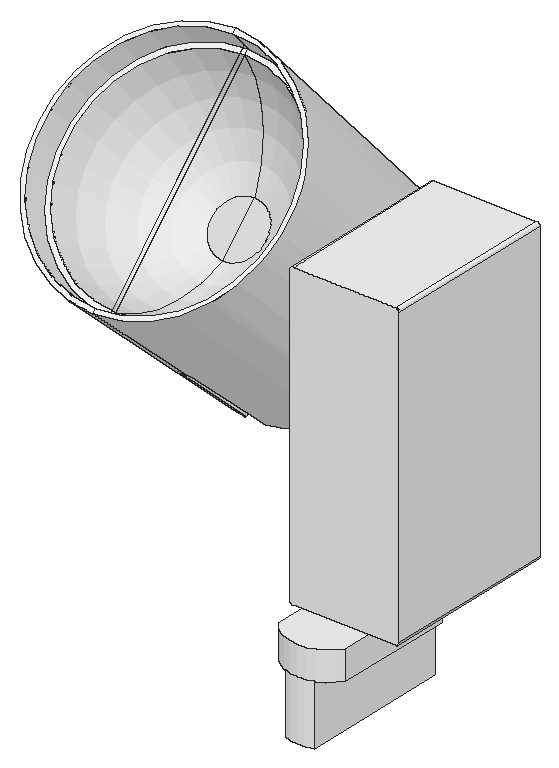
Revit family "0004821 Feilo Sylvania Lighting Fixture START TRACK SPOT L 55W 3K RA80 MB WHITE", category Lighting Fixtures, host Face, Revit 2017 (continued)
Definition of nested family "Start Track Spot Head"
  Types (96, lengths in mm): name | Wattage | built-in parameter 1150134 | Photometric Web File | Model | built-in parameter 1150105 | Lumens | built-in parameter 1150107 | built-in parameter 1150106 | HeadThickness_FEILO | HeadRibOffset_FEILO | HeadRibDepth_FEILO | HeadRibCutWidth_FEILO | HeadRibCutOffset_FEILO | HeadReflectorRadius_FEILO | HeadReflectorOffset_FEILO | HeadLEDRadius_FEILO | HeadHeight_FEILO | HeadDiffusorOffset_FEILO | HeadDiaOut_FEILO | HeadDiaIn_FEILO | HeadAxisFromTop_FEILO | Emit from Circle Diameter | built-in parameter 1150104 | Description | Apparent Load
    0004812 START TRACK SPOT S 14W 3K RA80 MB WHITE | 14 W | (empty or 0) | "0004812.ies" | "START TRACK SPOT S 14W 3K RA80 MB WHITE" | 120.32 (stored number, unit not read) | 1512 lm | 3000 (stored number, unit not read) | 1.2032 (stored number, unit not read) | 1.5 | 4.179 | 55.714 | 7.167 | 50.87 | 50.588 | 55.714 | 9.556 | 117 | 9.435 | 86 | 77.477 | 69.354 | 77.477 | 10.034 (stored number, unit not read) | "Integrated LED spotlight, Textured White - RAL9016, compact and minimalist design, ideal for retail applications, die-cast aluminium body, passive cooling heatsink. Beam angle: 36°, color temperature: 3000K , total system power: 14W, total fixture output: 1508 lm, LOR: 100%, colour rendering: Ra: 80 typical, LED Chromaticity: 3 step MacAdam ellipse, lifetime: >50000 hours at L70B50, energy class: A++, A+, A, IR/UV free light source without heat radiation, operating voltage: 220-240V / 50-60Hz, drive current: 350mA, electronic driver, non-dimmable, power factor: 0.92, electrical protection: Class II, Global Track 3 Phase adapter suitable for Global trac 3-circuit tracks, ingress protection rating: IP20, suitable for internal environment only, horizontal rotation: 355°, vertical tilt: 90°, dimensions: Ø86x140x200, weight: 0.940kg." | 14 VA
    0004811 START TRACK SPOT S 14W 3K RA80 NB WHITE | 14 W | (empty or 0) | "0004811.ies" | "START TRACK SPOT S 14W 3K RA80 NB WHITE" | 123.66 (stored number, unit not read) | 1554 lm | 3000 (stored number, unit not read) | 1.2366 (stored number, unit not read) | 1.5 | 4.179 | 55.714 | 7.167 | 50.87 | 50.588 | 55.714 | 9.556 | 117 | 9.435 | 86 | 77.477 | 69.354 | 77.477 | 10.312 (stored number, unit not read) | "Integrated LED spotlight, Textured White - RAL9016, compact and minimalist design, ideal for retail applications, die-cast aluminium body, passive cooling heatsink. Beam angle: 12°, color temperature: 3000K , total system power: 14W, total fixture output: 1551 lm, LOR: 100%, colour rendering: Ra: 80 typical, LED Chromaticity: 3 step MacAdam ellipse, lifetime: >50000 hours at L70B50, energy class: A++, A+, A, IR/UV free light source without heat radiation, operating voltage: 220-240V / 50-60Hz, drive current: 350mA, electronic driver, non-dimmable, power factor: 0.92, electrical protection: Class II, Global Track 3 Phase adapter suitable for Global trac 3-circuit tracks, ingress protection rating: IP20, suitable for internal environment only, horizontal rotation: 355°, vertical tilt: 90°, dimensions: Ø86x140x200, weight: 0.940kg." | 14 VA
  Reference planes
    plane 1 "Center (Front/Back)": y = 0
    plane 2: z = 0
    plane 3 "Center (Left/Right)": x = 0
    plane 4: x = 43
    plane 5: x = -43
    plane 6: x = -38.739
    plane 7: x = 38.739
    plane 8: z = 69.354
    plane 9: z = -47.646
    plane 10: x = -41.5
    plane 11: x = -37.239
    plane 12: z = -38.211
    plane 13: z = -35.211
    plane 14: z = 8.068
    plane 15: x = -9.556
    plane 16: x = -28.667
    plane 17: x = -19.111
    plane 18: x = -27.167
    plane 19: x = -17.611
    plane 20: x = -8.056
    plane 21: z = 13.64
    plane 22: x = -29.667
    plane 23: x = -26.167
    plane 24: x = -20.111
    plane 25: x = -16.611
    plane 26: x = -10.556
    plane 27: x = -7.056
    plane 28: x = -36.239
    plane 29: x = -40.5
    plane 30: z = 65.175
    plane 31: z = 60.997
    plane 32: z = 56.818
    plane 33: z = 18.484
    plane 34: y = -43
    plane 35: y = 43
    plane 36: y = 3.583
    plane 37: y = -3.583
    plane 38: y = -2.583
    plane 39: y = 2.583
    plane 40: y = 46
    plane 41: z = 13.5
    plane 42: z = -13.5
    plane 43: y = 39
    plane 44: x = 4.708
    plane 45: x = -2.458
    plane 46: x = -1.458
    plane 47: x = 1.458
  Forms (mm)
    Extrusion 1, solid
      sketch origin (4.2, 0, 0) x (1, 0, 0) y (0, 1, 0)
        loop
          line (-1219.2, 1219.2) -> (-1219.2, -1219.2) -> (1219.2, -1219.2) -> (1219.2, 1219.2) -> (-1219.2, 1219.2)
      from 0 to -68.017
    Revolve 2, solid, material <- "Material_1_FEILO", detail levels medium+fine
      sketch origin (0, 0, 0) x (1, 0, 0) y (0, 0, 1)
        loop
          line (-43, -47.646) -> (-41.5, -47.646) -> (-40.5, -35.211) -> (-38.739, -35.211)
          arc (-38.739, -35.211) -> (-30.16, -9.517) -> (-9.556, 8.068) r 50.588
          line (-9.556, 8.068) -> (0, 8.068) -> (0, 13.64) -> (-16.611, 13.64) -> (-17.611, 60.997) -> (-19.111, 60.997) -> (-20.111, 13.64) -> (-36.239, 13.64) -> (-37.239, 69.354) -> (-38.739, 69.354) -> (-43, -47.646)
        axis (0, 69.354) -> (0, -47.646)
      angle from 360 to 0
    Extrusion 3, void
      sketch origin (0, 0, 0) x (0, 1, 0) y (0, 0, 1)
        loop
          line (-3.583, 69.354) -> (-2.583, 18.484) -> (1.932, 18.484) -> (2.932, 69.354) -> (-3.583, 69.354)
      from 43 to -43
    Revolve 4, solid, material <- "Material_2_FEILO", detail levels medium+fine
      sketch origin (0, 0, 0) x (1, 0, 0) y (0, 0, 1)
        loop
          line (-41.5, -38.211) -> (0, -38.211) -> (0, -35.211) -> (-41.5, -35.211) -> (-41.5, -38.211)
        axis (0, -35.211) -> (0, -38.211)
      angle from 360 to 0
    Revolve 5, solid, material <- "Material_1_FEILO"
      sketch origin (0, 0, 0) x (0, 1, 0) y (0, 0, 1)
        loop
          line (46, 0) -> (39, 0) -> (39, -13.5) -> (46, -13.5) -> (46, 0)
        axis (39, 0) -> (46, 0)
      angle from 360 to 0
    Revolve 6, solid, material <- "Material_1_FEILO", detail levels medium+fine
      sketch origin (0, 0, 0) x (1, 0, 0) y (0, 0, 1)
        loop
          line (-29.667, 13.64) -> (-26.167, 13.64) -> (-27.167, 65.175) -> (-28.667, 65.175) -> (-29.667, 13.64)
        loop
          line (-10.556, 13.64) -> (-7.056, 13.64) -> (-7.833, 56.818) -> (-9.778, 56.818) -> (-10.556, 13.64)
        axis (0, 65.175) -> (0, 13.64)
      angle from 360 to 0
    Extrusion 7, void
      sketch origin (0, 0, 0) x (1, 0, 0) y (0, 0, 1)
        loop
          line (4.708, 69.354) -> (-2.458, 69.354) -> (-1.458, 13.64) -> (1.458, 13.64) -> (4.708, 69.354)
      from -43 to 43
    Revolve 8, solid, material <- "Material_1_FEILO", detail levels coarse
      sketch origin (0, 0, 0) x (1, 0, 0) y (0, 0, 1)
        loop
          line (0, 69.354) -> (-38.739, 69.354) -> (-43, -47.646) -> (-41.5, -47.646) -> (-40.731, -38.211) -> (0, -38.211) -> (0, 69.354)
        axis (0, 69.354) -> (0, -47.646)
      angle from 360 to 0
  Cuts and joins
    Extrusion 3 cuts Revolve 2
    Extrusion 7 cuts Revolve 6
  Dimensions and locks
    equal spacing: plane 7, plane 3 "Center (Left/Right)", plane 6
    equal spacing: plane 4, plane 3 "Center (Left/Right)", plane 5
    "HeadDiaOut_FEILO": plane 4 to plane 5
    "HeadDiaIn_FEILO": plane 7 to plane 6
    "HeadHeight_FEILO": plane 8 to plane 9
    "HeadThickness_FEILO": plane 10 to plane 5
    "HeadThickness_FEILO": plane 11 to plane 6
    "HeadDiffusorOffset_FEILO": plane 12 to plane 9
    "HeadDiffusorThickness_FEILO": plane 13 to plane 12
    "HeadReflectorOffset_FEILO": plane 14 to plane 9
    "HeadLEDRadius_FEILO": plane 3 "Center (Left/Right)" to plane 15
    "HeadLEDRadius_FEILO": plane 15 to plane 17
    "HeadLEDRadius_FEILO": plane 17 to plane 16
    "HeadThickness_FEILO": plane 18 to plane 16
    "HeadThickness_FEILO": plane 19 to plane 17
    "HeadThickness_FEILO": plane 20 to plane 15
    "HeadRibDepth_FEILO": plane 8 to plane 21
    "HeadDraft_FEILO": plane 16 to plane 22
    "HeadDraft_FEILO": plane 23 to plane 18
    "HeadDraft_FEILO": plane 17 to plane 24
    "HeadDraft_FEILO": plane 25 to plane 19
    "HeadDraft_FEILO": plane 15 to plane 26
    "HeadDraft_FEILO": plane 27 to plane 20
    "HeadDraft_FEILO": plane 29 to plane 10
    "HeadDraft_FEILO": plane 28 to plane 11
    "HeadRibOffset_FEILO": plane 8 to plane 30
    "HeadRibOffset_FEILO": plane 30 to plane 31
    "HeadRibOffset_FEILO": plane 31 to plane 32
    "HeadAxisFromTop_FEILO": plane 8 to plane 2
    "HeadRibCutOffset_FEILO": plane 8 to plane 33
    equal spacing: plane 34, plane 1 "Center (Front/Back)", plane 35
    "HeadDiaOut_FEILO": plane 34 to plane 35
    equal spacing: plane 38, plane 1 "Center (Front/Back)", plane 39
    equal spacing: plane 37, plane 1 "Center (Front/Back)", plane 36
    "HeadRibCutWidth_FEILO": plane 37 to plane 36
    "HeadDraft_FEILO": plane 37 to plane 38
    locked: plane 35 to plane 40 at 3
    equal spacing: plane 41, plane 2, plane 42
    locked: plane 42 to plane 41 at 27
    locked: plane 43 to plane 35 at 4
    equal spacing: plane 45, imposter light, plane 44
    "HeadDraft_FEILO": plane 46 to plane 45
    "HeadRibCutWidth_FEILO": plane 44 to plane 45
    equal spacing: plane 47, plane 3 "Center (Left/Right)", plane 46
    "HeadReflectorRadius_FEILO": radius of Revolve 2 sketch curve
    aligned and locked: plane 2 to Extrusion 1
    aligned and locked: level to Extrusion 1
    aligned and locked: Revolve 2 sketch curve to plane 3 "Center (Left/Right)"  (x2)
    aligned and locked: plane 9 to Revolve 2 sketch curve  (x2)
    aligned and locked: plane 5 to Revolve 2 sketch curve
    aligned and locked: plane 10 to Revolve 2 sketch curve
    aligned and locked: plane 14 to Revolve 2 sketch curve
    aligned and locked: plane 8 to Revolve 2 sketch curve
    aligned and locked: Revolve 2 sketch curve to plane 13
    aligned and locked: plane 12 to Revolve 4 sketch curve
    aligned and locked: plane 3 "Center (Left/Right)" to Revolve 4 sketch curve
    aligned and locked: Revolve 4 sketch curve to plane 10
    aligned and locked: Revolve 4 sketch curve to plane 3 "Center (Left/Right)"
    aligned and locked: plane 12 to imposter light
    aligned and locked: imposter light to plane 1 "Center (Front/Back)"
    aligned and locked: Revolve 5 sketch curve to plane 2
    aligned and locked: plane 43 to Revolve 5 sketch curve
    aligned and locked: plane 42 to Revolve 5 sketch curve
    aligned and locked: Revolve 6 sketch curve to plane 3 "Center (Left/Right)"
    aligned and locked: plane 22 to Revolve 6 sketch curve
    aligned and locked: plane 30 to Revolve 6 sketch curve
    aligned and locked: plane 23 to Revolve 6 sketch curve
    aligned and locked: Revolve 6 sketch curve to plane 21  (x2)
    aligned and locked: plane 21 to Revolve 6 sketch curve
    aligned and locked: plane 17 to Revolve 2 sketch curve
    aligned and locked: plane 19 to Revolve 2 sketch curve
    aligned and locked: plane 31 to Revolve 2 sketch curve
    aligned and locked: plane 21 to Revolve 2 sketch curve
    aligned and locked: Extrusion 3 to plane 8
    aligned and locked: plane 33 to Extrusion 3
    aligned and locked: plane 8 to Extrusion 3 sketch curve
    aligned and locked: Extrusion 3 sketch curve to plane 33
    aligned and locked: Extrusion 3 to plane 5
    aligned and locked: plane 4 to Extrusion 3
    aligned and locked: plane 32 to Revolve 6 sketch curve
    aligned and locked: plane 44 to Extrusion 7 sketch curve
    aligned and locked: Extrusion 7 sketch curve to plane 8
    aligned and locked: plane 46 to Extrusion 7 sketch curve
    aligned and locked: plane 21 to Extrusion 7 sketch curve
    aligned and locked: plane 34 to Extrusion 7
    aligned and locked: Extrusion 7 to plane 35
    aligned and locked: Revolve 4 sketch curve to plane 13
    aligned and locked: Revolve 5 sketch curve to plane 40
    aligned and locked: Revolve 8 sketch curve to plane 3 "Center (Left/Right)"
    aligned and locked: Revolve 8 sketch curve to cut or joined group of Revolve 2, Extrusion 3  (x3)
    aligned and locked: plane 5 to Revolve 8 sketch curve
    aligned and locked: plane 3 "Center (Left/Right)" to Revolve 8 sketch curve
    aligned and locked: plane 12 to Revolve 8 sketch curve
  Automatic sketch dimensions
    Extrusion 1 sketch curve to Extrusion 1 sketch curve = 2438.4 mm  (x2)
    Extrusion 3 sketch curve to plane 37 = 0 mm
    Extrusion 3 sketch curve to plane 38 = 0 mm
    plane 39 to Extrusion 3 sketch curve = 0.651 mm
    Extrusion 3 sketch curve to plane 39 = 0.349 mm
    Revolve 6 sketch curve to plane 16 = 0 mm
    Revolve 6 sketch curve to plane 18 = 0 mm
    Revolve 6 sketch curve to plane 26 = 0 mm
    Revolve 6 sketch curve to plane 27 = 0 mm
    Revolve 6 sketch curve to plane 15 = 0.222 mm
    plane 9 to Revolve 6 sketch curve = 559.103 mm
    Revolve 6 sketch curve to plane 8 = 2535.555 mm
    plane 20 to Revolve 6 sketch curve = 0.222 mm
    Revolve 2 sketch curve to plane 29 = 0 mm
    Revolve 2 sketch curve to plane 6 = 0 mm  (x2)
    Revolve 2 sketch curve to plane 11 = 0 mm
    Revolve 2 sketch curve to plane 21 = 0 mm
    Revolve 2 sketch curve to plane 28 = 0 mm
    Revolve 2 sketch curve to plane 24 = 0 mm
    Revolve 2 sketch curve to plane 25 = 0 mm
    Revolve 2 sketch curve to plane 15 = 0 mm
    Revolve 2 sketch curve to Revolve 2 sketch curve = 557.155 mm
    Revolve 2 sketch curve to plane 8 = 2535.558 mm
    Extrusion 7 sketch curve to plane 45 = 0 mm
    Extrusion 7 sketch curve to plane 47 = 0 mm
    plane 9 to Revolve 4 sketch curve = 559.103 mm
    Revolve 4 sketch curve to plane 8 = 2535.555 mm
    Revolve 5 sketch curve to level = 0 mm
    plane 34 to Revolve 5 sketch curve = 1968.092 mm
    Revolve 5 sketch curve to plane 40 = 1405.763 mm
    Revolve 8 sketch curve to plane 6 = 0 mm
    Revolve 8 sketch curve to plane 29 = 0.231 mm
    plane 9 to Revolve 8 sketch curve = 559.103 mm
    Revolve 8 sketch curve to Revolve 8 sketch curve = 2535.555 mm
Definition of nested family "Start Track Spot Box"
  Parameters (values of type "Type Large White")
    URL = "http://www.feilosylvania.com"
    Type Image = (empty or 0)
    Type Comments = "n/a"
    Small_FEILO = no
    Material_3_FEILO = none
    Model = ""
    Manufacturer = "Feilo Sylvania"
    Keynote = ""
    Material_2_FEILO = none
    Description = ""
    Default Elevation = 1219.2 mm
    Cost = 0
    Material_1_FEILO = none
    BoxWidth_FEILO = 49 mm
    BoxStartAngle_FEILO [instance] = 0.00°
    BoxRadius_FEILO = 1.5 mm
    BoxHeight_FEILO = if(Small_FEILO, 112 mm, 136 mm)  # 136 mm
    BoxEndAngle_FEILO [instance] = BoxStartAngle_FEILO - 180.00°  # -180.00°
    BoxDepth_FEILO = if(Small_FEILO, 71.5 mm, 79 mm)  # 79 mm
    BoxAxisVerticalOffset_FEILO = 16 mm
    BoxAxisOffset_FEILO = BoxHeight_FEILO / 6.8  # 20 mm
    Assembly Code = ""
    Material_4_FEILO = none
  Types (4, lengths in mm): name | Small_FEILO | BoxHeight_FEILO | BoxDepth_FEILO | BoxAxisOffset_FEILO
    Type Large White | no | 136 | 79 | 20
    Type Small White | yes | 112 | 71.5 | 16.471
    Type Small Black | yes | 112 | 71.5 | 16.471
    Type Large Black | no | 136 | 79 | 20
  Reference planes
    plane 1 "Center (Front/Back)": y = 0
    plane 2: z = 0
    plane 3 "Center (Left/Right)": x = 0
    plane 4: x = 24.5
    plane 5: x = -24.5
    plane 6: y = 68
    plane 7: y = -68
    plane 8: z = 39.5
    plane 9: z = -39.5
    plane 10: y = -48
    plane 11: x = 30.5
    plane 12: x = 8.5
    plane 13: x = 21.5
    plane 14: y = 70
    plane 15: y = 72
    plane 16: x = 19.5
  Forms (mm)
    Extrusion 1, solid
      sketch origin (4.2, 0, 0) x (1, 0, 0) y (0, 1, 0)
        loop
          line (-1219.2, 1219.2) -> (-1219.2, -1219.2) -> (1219.2, -1219.2) -> (1219.2, 1219.2) -> (-1219.2, 1219.2)
      from 0 to -68.017
    Extrusion 2, solid, material <- "Material_1_FEILO"
      sketch origin (0, 0, 0) x (1, 0, 0) y (0, 1, 0)
        loop
          arc (-23, 68) -> (-24.061, 67.561) -> (-24.5, 66.5) r 1.5
          line (-24.5, 66.5) -> (-24.5, -66.5)
          arc (-24.5, -66.5) -> (-24.061, -67.561) -> (-23, -68) r 1.5
          line (-23, -68) -> (23, -68)
          arc (23, -68) -> (24.061, -67.561) -> (24.5, -66.5) r 1.5
          line (24.5, -66.5) -> (24.5, 66.5)
          arc (24.5, 66.5) -> (24.061, 67.561) -> (23, 68) r 1.5
          line (23, 68) -> (-23, 68)
      from -39.5 to 39.5
    Revolve 3, solid, not visible
      sketch origin (0, 0, 0) x (1, 0, 0) y (0, 1, 0)
        loop
          line (30.5, -48) -> (24.5, -48) -> (24.5, -68) -> (30.5, -68) -> (30.5, -48)
        axis (30.5, -48) -> (24.5, -48)
      angle from 0 <- "BoxStartAngle_FEILO" to -180 <- "BoxEndAngle_FEILO"
    Revolve 4, solid, material <- "Material_2_FEILO"
      sketch origin (0, 0, 0) x (1, 0, 0) y (0, 1, 0)
        loop
          line (8.5, 68) -> (19.5, 68) -> (19.5, 70) -> (21.5, 70) -> (21.5, 72) -> (8.5, 72) -> (8.5, 68)
        axis (8.5, 72) -> (8.5, 68)
      angle from 360 to 0
  Dimensions and locks
    equal spacing: plane 5, plane 3 "Center (Left/Right)", plane 4
    "BoxWidth_FEILO": plane 5 to plane 4
    equal spacing: plane 7, plane 1 "Center (Front/Back)", plane 6
    "BoxHeight_FEILO": plane 7 to plane 6
    equal spacing: plane 8, plane 2, plane 9
    "BoxDepth_FEILO": plane 8 to plane 9
    "BoxAxisOffset_FEILO": plane 7 to plane 10
    locked: plane 4 to plane 11 at 6
    "BoxAxisVerticalOffset_FEILO": plane 12 to plane 4
    locked: plane 12 to plane 13 at 13
    plane 6 to plane 14 to plane 15 = 2 mm locked, 2 mm locked
    locked: plane 12 to plane 16 at 11
    "BoxRadius_FEILO": radius of Extrusion 2 sketch curve  (x4)
    aligned and locked: plane 2 to Extrusion 1
    aligned and locked: level to Extrusion 1
    aligned and locked: plane 6 to Extrusion 2 sketch curve
    aligned and locked: plane 5 to Extrusion 2 sketch curve
    aligned and locked: Extrusion 2 sketch curve to plane 7
    aligned and locked: Extrusion 2 sketch curve to plane 4
    aligned and locked: Extrusion 2 to plane 8
    aligned and locked: plane 9 to Extrusion 2
    aligned and locked: Revolve 3 sketch curve to plane 10  (x2)
    aligned and locked: plane 11 to Revolve 3 sketch curve
    aligned and locked: Revolve 3 sketch curve to plane 4
    aligned and locked: plane 7 to Revolve 3 sketch curve
    aligned and locked: Revolve 4 sketch curve to plane 12
    aligned and locked: plane 6 to Revolve 4 sketch curve
    aligned and locked: plane 12 to Revolve 4 sketch curve
    aligned and locked: plane 15 to Revolve 4 sketch curve
    aligned and locked: Revolve 4 sketch curve to plane 13
    aligned and locked: Revolve 4 sketch curve to plane 14
    aligned and locked: Revolve 4 sketch curve to plane 16
    aligned and locked: Revolve 4 sketch curve to plane 6
  Automatic sketch dimensions
    Extrusion 1 sketch curve to Extrusion 1 sketch curve = 2438.4 mm  (x2)
    Revolve 3 sketch curve to plane 5 = 1499.5 mm
    plane 11 to Revolve 3 sketch curve = 1493.5 mm
    plane 15 to Revolve 4 sketch curve = 0 mm
    plane 7 to Revolve 4 sketch curve = 1456 mm
    Revolve 4 sketch curve to plane 15 = 1452 mm
